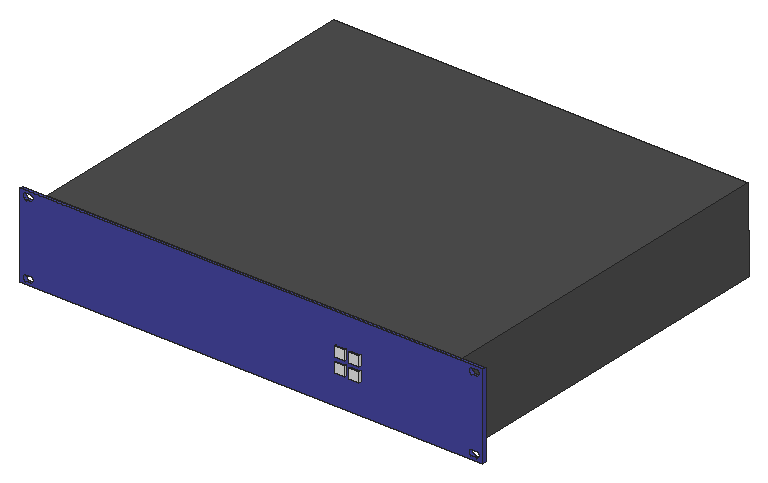
Revit family "DL154", category Communication Devices, Revit 2020
Family settings
  Maintain Annotation Orientation = No
  Round Connector Dimension = Use Diameter
  Part Type = Normal
  Work Plane-Based = Yes
  Always vertical = No
  Cut with Voids When Loaded = Yes
  Shared = No
  Room Calculation Point = No
Parameters
  Model = "DL154"
  Manufacturer = "Midas"
  Default Elevation = 0 mm
Reference planes
  plane 1 "Center (Front/Back)": y = 0
  plane 2: z = 0
  plane 3 "Center (Left/Right)": x = 0
  plane 4 "Front Panel": y = -3
  plane 5 "Rear panel": y = 374
Forms (mm)
  Extrusion 1, solid, material "Steel, Paint Finish, Blue"
    sketch origin (0, 0, 0) x (1, 0, 0) y (0, 0, 1)
      loop
        line (-241.5, 0) -> (241.498, 0) -> (241.498, 88.096) -> (-241.5, 88.096) -> (-241.5, 0)
    from 0 to 3
  Extrusion 2, void
    sketch origin (0, 0, -101.379) x (1, 0, 0) y (0, 0, 1)
      loop
        arc (-234.343, 187.274) -> (-237.842, 183.775) -> (-234.343, 180.276) r 3.499
        line (-234.343, 180.276) -> (-231.035, 180.276)
        arc (-231.035, 180.276) -> (-227.536, 183.775) -> (-231.035, 187.274) r 3.499
        line (-231.035, 187.274) -> (-234.343, 187.274)
    from 0 to 3
  Extrusion 3, void
    sketch origin (0, 0, -177.825) x (1, 0, 0) y (0, 0, 1)
      loop
        arc (-234.343, 187.274) -> (-237.842, 183.775) -> (-234.343, 180.276) r 3.499
        line (-234.343, 180.276) -> (-231.035, 180.276)
        arc (-231.035, 180.276) -> (-227.536, 183.775) -> (-231.035, 187.274) r 3.499
        line (-231.035, 187.274) -> (-234.343, 187.274)
    from 0 to 3
  Extrusion 4, void
    sketch origin (465.381, 0, -177.825) x (1, 0, 0) y (0, 0, 1)
      loop
        arc (-234.343, 187.274) -> (-237.842, 183.775) -> (-234.343, 180.276) r 3.499
        line (-234.343, 180.276) -> (-231.035, 180.276)
        arc (-231.035, 180.276) -> (-227.536, 183.775) -> (-231.035, 187.274) r 3.499
        line (-231.035, 187.274) -> (-234.343, 187.274)
    from 0 to 3
  Extrusion 5, void
    sketch origin (465.381, 0, -101.379) x (1, 0, 0) y (0, 0, 1)
      loop
        arc (-234.343, 187.274) -> (-237.842, 183.775) -> (-234.343, 180.276) r 3.499
        line (-234.343, 180.276) -> (-231.035, 180.276)
        arc (-231.035, 180.276) -> (-227.536, 183.775) -> (-231.035, 187.274) r 3.499
        line (-231.035, 187.274) -> (-234.343, 187.274)
    from 0 to 3
  Extrusion 6, solid, material "Steel, Paint Finish, Black"
    sketch origin (1.5, 0, 0) x (1, 0, 0) y (0, 0, 1)
      loop
        line (-218, 0) -> (215, 0) -> (215, 88.096) -> (-218, 88.096) -> (-218, 0)
    from 0 to -374
  Extrusion 7, void
    sketch origin (90.828, 374, 40.457) x (1, 0, 0) y (0, 0, 1)
      loop
        circle (108.554, 21.312) r 11.2
    from 0 to 16
  Extrusion 8, void
    sketch origin (-307.334, 374, 0) x (1, 0, 0) y (0, 0, 1)
      loop
        circle (108.554, 21.312) r 11.2
    from 0 to 16
  Extrusion 9, void
    sketch origin (0, 374, 0) x (1, 0, 0) y (0, 0, 1)
      loop
        line (172.779, 25.824) -> (172.779, 6.137) -> (200.678, 6.137) -> (200.678, 25.824) -> (172.779, 25.824)
    from 0 to 16
  Extrusion 10, solid, material "ABS - White"
    sketch origin (-0.004, -3, -120.907) x (-1, 0, 0) y (0, 0, 1)
      loop
        line (-88.173, 177.549) -> (-98.381, 177.549) -> (-98.381, 167.334) -> (-88.173, 167.334) -> (-88.173, 177.549)
    from 0 to -2
  Extrusion 11, solid, material "ABS - White"
    sketch origin (-0.004, -3, -135.907) x (-1, 0, 0) y (0, 0, 1)
      loop
        line (-88.173, 177.549) -> (-98.381, 177.549) -> (-98.381, 167.334) -> (-88.173, 167.334) -> (-88.173, 177.549)
    from 0 to -2
  Extrusion 12, solid, material "ABS - White"
    sketch origin (14.996, -3, -135.907) x (-1, 0, 0) y (0, 0, 1)
      loop
        line (-88.173, 177.549) -> (-98.381, 177.549) -> (-98.381, 167.334) -> (-88.173, 167.334) -> (-88.173, 177.549)
    from 0 to -2
  Extrusion 13, solid, material "ABS - White"
    sketch origin (14.996, -3, -120.907) x (-1, 0, 0) y (0, 0, 1)
      loop
        line (-88.173, 177.549) -> (-98.381, 177.549) -> (-98.381, 167.334) -> (-88.173, 167.334) -> (-88.173, 177.549)
    from 0 to -2
  Extrusion 14, void
    sketch origin (-152.269, 374, 0) x (1, 0, 0) y (0, 0, 1)
      loop
        circle (108.554, 21.312) r 11.2
    from 0 to 16
  Extrusion 15, void
    sketch origin (-177.987, 374, 0) x (1, 0, 0) y (0, 0, 1)
      loop
        circle (108.554, 21.312) r 11.2
    from 0 to 16
  Extrusion 16, void
    sketch origin (-281.616, 374, 0) x (1, 0, 0) y (0, 0, 1)
      loop
        circle (108.554, 21.312) r 11.2
    from 0 to 16
  Extrusion 17, void
    sketch origin (-255.898, 374, 0) x (1, 0, 0) y (0, 0, 1)
      loop
        circle (108.554, 21.312) r 11.2
    from 0 to 16
  Extrusion 18, void
    sketch origin (65.11, 374, 40.457) x (1, 0, 0) y (0, 0, 1)
      loop
        circle (108.554, 21.312) r 11.2
    from 0 to 16
  Extrusion 19, void
    sketch origin (39.392, 374, 40.457) x (1, 0, 0) y (0, 0, 1)
      loop
        circle (108.554, 21.312) r 11.2
    from 0 to 16
  Extrusion 20, void
    sketch origin (13.674, 374, 40.457) x (1, 0, 0) y (0, 0, 1)
      loop
        circle (108.554, 21.312) r 11.2
    from 0 to 16
  Extrusion 21, void
    sketch origin (-12.044, 374, 40.457) x (1, 0, 0) y (0, 0, 1)
      loop
        circle (108.554, 21.312) r 11.2
    from 0 to 16
  Extrusion 22, void
    sketch origin (-37.762, 374, 40.457) x (1, 0, 0) y (0, 0, 1)
      loop
        circle (108.554, 21.312) r 11.2
    from 0 to 16
  Extrusion 23, void
    sketch origin (-63.48, 374, 40.457) x (1, 0, 0) y (0, 0, 1)
      loop
        circle (108.554, 21.312) r 11.2
    from 0 to 16
  Extrusion 24, void
    sketch origin (-89.198, 374, 40.457) x (1, 0, 0) y (0, 0, 1)
      loop
        circle (108.554, 21.312) r 11.2
    from 0 to 16
  Extrusion 25, void
    sketch origin (-126.237, 374, 40.457) x (1, 0, 0) y (0, 0, 1)
      loop
        circle (108.554, 21.312) r 11.2
    from 0 to 16
  Extrusion 26, void
    sketch origin (-151.955, 374, 40.457) x (1, 0, 0) y (0, 0, 1)
      loop
        circle (108.554, 21.312) r 11.2
    from 0 to 16
  Extrusion 27, void
    sketch origin (-177.673, 374, 40.457) x (1, 0, 0) y (0, 0, 1)
      loop
        circle (108.554, 21.312) r 11.2
    from 0 to 16
  Extrusion 28, void
    sketch origin (-203.391, 374, 40.457) x (1, 0, 0) y (0, 0, 1)
      loop
        circle (108.554, 21.312) r 11.2
    from 0 to 16
  Extrusion 29, void
    sketch origin (-229.109, 374, 40.457) x (1, 0, 0) y (0, 0, 1)
      loop
        circle (108.554, 21.312) r 11.2
    from 0 to 16
  Extrusion 30, void
    sketch origin (-254.827, 374, 40.457) x (1, 0, 0) y (0, 0, 1)
      loop
        circle (108.554, 21.312) r 11.2
    from 0 to 16
  Extrusion 31, void
    sketch origin (-280.545, 374, 40.457) x (1, 0, 0) y (0, 0, 1)
      loop
        circle (108.554, 21.312) r 11.2
    from 0 to 16
  Extrusion 32, void
    sketch origin (-306.263, 374, 40.457) x (1, 0, 0) y (0, 0, 1)
      loop
        circle (108.554, 21.312) r 11.2
    from 0 to 16
  Extrusion 33, void
    sketch origin (-126.551, 374, 0) x (1, 0, 0) y (0, 0, 1)
      loop
        circle (108.554, 21.312) r 11.2
    from 0 to 16
  Extrusion 34, void
    sketch origin (-100.833, 374, 0) x (1, 0, 0) y (0, 0, 1)
      loop
        circle (108.554, 21.312) r 11.2
    from 0 to 16
  Extrusion 35, void
    sketch origin (-75.115, 374, 0) x (1, 0, 0) y (0, 0, 1)
      loop
        circle (108.554, 21.312) r 11.2
    from 0 to 16
  Extrusion 36, void
    sketch origin (-49.397, 374, 0) x (1, 0, 0) y (0, 0, 1)
      loop
        circle (108.554, 21.312) r 11.2
    from 0 to 16
  Extrusion 37, void
    sketch origin (-23.679, 374, 0) x (1, 0, 0) y (0, 0, 1)
      loop
        circle (108.554, 21.312) r 11.2
    from 0 to 16
  Extrusion 38, void
    sketch origin (2.04, 374, 0) x (1, 0, 0) y (0, 0, 1)
      loop
        circle (108.554, 21.312) r 11.2
    from 0 to 16
Cuts and joins
  Extrusion 2, Extrusion 3, Extrusion 4, Extrusion 5 cuts Extrusion 1
  Extrusion 7, Extrusion 8, Extrusion 9, Extrusion 14, Extrusion 15, Extrusion 16, Extrusion 17, Extrusion 18, Extrusion 19, Extrusion 20, Extrusion 21, Extrusion 22, Extrusion 23, Extrusion 24, Extrusion 25, Extrusion 26, Extrusion 27, Extrusion 28, Extrusion 29, Extrusion 30, Extrusion 31, Extrusion 32, Extrusion 33, Extrusion 34, Extrusion 35, Extrusion 36, Extrusion 37, Extrusion 38 cuts Extrusion 6
Lines and regions (mm)
  Split face 1
    outline origin (241.498, -3, 0) x (0, 0, 1) y (-1, 0, 0)
      loop
        line (78.623, 430.725) -> (52.703, 445.69) -> (35.402, 445.69) -> (9.482, 430.725) -> (9.482, 382.036) -> (35.402, 367.072) -> (52.703, 367.072) -> (78.623, 382.036) -> (78.623, 430.725)
  Split face 2
    outline origin (244.945, -3, -125.997) x (0, 0, 1) y (-1, 0, 0)
      loop
        circle (168.745, 351.089) r 1.498
  Split face 3
    outline origin (244.945, -3, -125.997) x (0, 0, 1) y (-1, 0, 0)
      loop
        circle (168.745, 342.079) r 1.498
  Split face 4
    outline origin (244.945, -3, -125.997) x (0, 0, 1) y (-1, 0, 0)
      loop
        circle (168.745, 333.072) r 1.498
  Split face 5
    outline origin (244.945, -3, -125.997) x (0, 0, 1) y (-1, 0, 0)
      loop
        circle (168.745, 324.066) r 1.498
  Split face 6
    outline origin (244.945, -3, -125.997) x (0, 0, 1) y (-1, 0, 0)
      loop
        circle (168.744, 315.059) r 1.5
  Split face 7
    outline origin (241.457, -3, -125.997) x (0, 0, 1) y (-1, 0, 0)
      loop
        circle (168.744, 290.051) r 1.473
  Split face 8
    outline origin (241.494, -3, -120.907) x (0, 0, 1) y (-1, 0, 0)
      loop
        arc (172.695, 233.001) -> (172.256, 234.062) -> (171.195, 234.501) r 1.5
        line (171.195, 234.501) -> (158.672, 234.501)
        arc (158.672, 234.501) -> (157.611, 234.062) -> (157.172, 233.001) r 1.5
        line (157.172, 233.001) -> (157.172, 170.439)
        arc (157.172, 170.439) -> (157.611, 169.378) -> (158.672, 168.939) r 1.5
        line (158.672, 168.939) -> (171.195, 168.939)
        arc (171.195, 168.939) -> (172.256, 169.378) -> (172.695, 170.439) r 1.5
        line (172.695, 170.439) -> (172.695, 233.001)
  Split face 9
    outline origin (112.346, -3, -125.998) x (0, 0, 1) y (-1, 0, 0)
      loop
        circle (168.745, 132.207) r 1.469
  Split face 10
    outline origin (112.346, -3, -125.998) x (0, 0, 1) y (-1, 0, 0)
      loop
        circle (168.745, 127.126) r 1.471
  Split face 11
    outline origin (284.395, 374, 163.736) x (0, 0, -1) y (-1, 0, 0)
      loop
        arc (142.584, 384.106) -> (143.237, 382.53) -> (144.813, 381.876) r 2.23
        line (144.813, 381.876) -> (152.321, 383.332)
        arc (152.321, 383.332) -> (153.777, 384.106) -> (154.55, 385.562) r 2.816
        line (154.55, 385.562) -> (154.55, 399.119)
        arc (154.55, 399.119) -> (153.777, 400.576) -> (152.321, 401.35) r 2.816
        line (152.321, 401.35) -> (144.813, 402.806)
        arc (144.813, 402.806) -> (143.237, 402.152) -> (142.584, 400.576) r 2.23
        line (142.584, 400.576) -> (142.584, 384.106)
  Split face 12
    outline origin (284.395, 374, 163.736) x (0, 0, -1) y (-1, 0, 0)
      loop
        arc (144.709, 385.973) -> (145.116, 384.85) -> (146.148, 384.248) r 1.754
        line (146.148, 384.248) -> (150.987, 385.375)
        arc (150.987, 385.375) -> (151.995, 385.997) -> (152.425, 387.101) r 1.863
        line (152.425, 387.101) -> (152.425, 397.581)
        arc (152.425, 397.581) -> (151.995, 398.685) -> (150.987, 399.307) r 1.863
        line (150.987, 399.307) -> (146.148, 400.434)
        arc (146.148, 400.434) -> (145.116, 399.832) -> (144.709, 398.709) r 1.754
        line (144.709, 398.709) -> (144.709, 385.973)
  Split face 13
    outline origin (293.515, 374, 184.832) x (0, 0, -1) y (-1, 0, 0)
      loop
        circle (170.603, 422.805) r 1.721
Dimensions and locks
  equal spacing: group 8, group 7, group 6, group 5, group 4, group 3, group 2, group 1
  equal spacing: group 1, group 2, group 3, group 4, group 5, group 6, group 7, group 8  (x2)
  aligned and locked: level to plane 2
Nested families
  nested 1: "NE8FD Ethercon" at (-198.78, 374, 21.312) x (-1, 0, 0) z (0, 1, 0), type "NE8FD Ethercon"
  nested 2: "NE8FD Ethercon" at (-173.062, 374, 21.312) x (-1, 0, 0) z (0, 1, 0), type "NE8FD Ethercon"
  nested 3: "NE8FD Ethercon" at (-147.343, 374, 21.312) x (-1, 0, 0) z (0, 1, 0), type "NE8FD Ethercon"
  nested 4: "IEC with switch3" at (186.671, 374, 15.531) x (-1, 0, 0) z (0, 1, 0), type "IEC with switch3"
  nested 5: "XLR-M with LED" at (-17.682, 374, 61.769) x (-1, 0, 0) z (0, 1, 0), type "XLR-M with LED"
  nested 6: "XLR-F with LED" at (110.594, 374, 21.312) x (-1, 0, 0) z (0, 1, 0), type "XLR-F with LED"
  nested 7: "XLR-M with LED" at (199.383, 374, 61.769) x (-1, 0, 0) z (0, 1, 0), type "XLR-M with LED"
  nested 8: "XLR-M with LED" at (-43.4, 374, 61.769) x (-1, 0, 0) z (0, 1, 0), type "XLR-M with LED"
  nested 9: "XLR-F with LED" at (84.876, 374, 21.312) x (-1, 0, 0) z (0, 1, 0), type "XLR-F with LED"
  nested 10: "XLR-M with LED" at (173.665, 374, 61.769) x (-1, 0, 0) z (0, 1, 0), type "XLR-M with LED"
  nested 11: "XLR-M with LED" at (-69.118, 374, 61.769) x (-1, 0, 0) z (0, 1, 0), type "XLR-M with LED"
  nested 12: "XLR-F with LED" at (59.158, 374, 21.312) x (-1, 0, 0) z (0, 1, 0), type "XLR-F with LED"
  nested 13: "XLR-M with LED" at (147.946, 374, 61.769) x (-1, 0, 0) z (0, 1, 0), type "XLR-M with LED"
  nested 14: "XLR-M with LED" at (-94.837, 374, 61.769) x (-1, 0, 0) z (0, 1, 0), type "XLR-M with LED"
  nested 15: "XLR-F with LED" at (33.44, 374, 21.312) x (-1, 0, 0) z (0, 1, 0), type "XLR-F with LED"
  nested 16: "XLR-M with LED" at (122.228, 374, 61.769) x (-1, 0, 0) z (0, 1, 0), type "XLR-M with LED"
  nested 17: "XLR-M with LED" at (-120.555, 374, 61.769) x (-1, 0, 0) z (0, 1, 0), type "XLR-M with LED"
  nested 18: "XLR-F with LED" at (7.721, 374, 21.312) x (-1, 0, 0) z (0, 1, 0), type "XLR-F with LED"
  nested 19: "XLR-M with LED" at (96.51, 374, 61.769) x (-1, 0, 0) z (0, 1, 0), type "XLR-M with LED"
  nested 20: "XLR-M with LED" at (-146.273, 374, 61.769) x (-1, 0, 0) z (0, 1, 0), type "XLR-M with LED"
  nested 21: "XLR-F with LED" at (-17.997, 374, 21.312) x (-1, 0, 0) z (0, 1, 0), type "XLR-F with LED"
  nested 22: "XLR-M with LED" at (70.792, 374, 61.769) x (-1, 0, 0) z (0, 1, 0), type "XLR-M with LED"
  nested 23: "XLR-M with LED" at (-171.991, 374, 61.769) x (-1, 0, 0) z (0, 1, 0), type "XLR-M with LED"
  nested 24: "XLR-F with LED" at (-43.715, 374, 21.312) x (-1, 0, 0) z (0, 1, 0), type "XLR-F with LED"
  nested 25: "XLR-M with LED" at (45.074, 374, 61.769) x (-1, 0, 0) z (0, 1, 0), type "XLR-M with LED"
  nested 26: "XLR-M with LED" at (-197.709, 374, 61.769) x (-1, 0, 0) z (0, 1, 0), type "XLR-M with LED"
  nested 27: "XLR-F with LED" at (-69.433, 374, 21.312) x (-1, 0, 0) z (0, 1, 0), type "XLR-F with LED"
  nested 28: "XLR-M with LED" at (19.356, 374, 61.769) x (-1, 0, 0) z (0, 1, 0), type "XLR-M with LED"
Definition of nested family "NE8FD Ethercon"
  Parameters
    Default Elevation = 1219.2 mm
  Reference planes
    plane 1 "Center (Front/Back)": y = 0
    plane 2: z = 0
    plane 3 "Center (Left/Right)": x = 0
  Forms (mm)
    Extrusion 1, solid
      sketch origin (-12.612, 0, 0) x (1, 0, 0) y (0, 1, 0)
        loop
          circle (12.613, 0.021) r 11.058
      from -16 to 1.5
    Extrusion 2, void
      sketch origin (-12.612, 0, 0) x (1, 0, 0) y (0, 1, 0)
        loop
          circle (12.612, 0.021) r 9.9
      from -12 to 1.5
    Extrusion 3, solid
      sketch origin (-12.612, 0, 0) x (1, 0, 0) y (0, 1, 0)
        loop
          line (9.613, 9.921) -> (15.612, 9.921)
          arc (15.612, 9.921) -> (17.027, 10.507) -> (17.612, 11.921) r 2
          line (17.612, 11.921) -> (17.612, 13.337)
          arc (17.612, 13.337) -> (17.271, 14.455) -> (16.362, 15.191) r 2
          arc (16.362, 15.191) -> (12.612, 15.921) -> (8.862, 15.191) r 10
          arc (8.862, 15.191) -> (7.954, 14.455) -> (7.612, 13.337) r 2
          line (7.612, 13.337) -> (7.612, 11.921)
          arc (7.612, 11.921) -> (8.198, 10.507) -> (9.613, 9.921) r 2
      from 3.3 to 4.2
    Extrusion 4, solid
      sketch origin (-12.612, 0, 0) x (1, 0, 0) y (0, 1, 0)
        loop
          line (11.106, 9.921) -> (14.119, 9.921) -> (14.119, 10.975)
          arc (14.119, 10.975) -> (12.613, 11.079) -> (11.106, 10.975) r 11.058
          line (11.106, 10.975) -> (11.106, 9.921)
      from 3.3 to 1.5
    Extrusion 5, void
      sketch origin (-12.612, 0, 0) x (1, 0, 0) y (0, 1, 0)
        loop
          line (6.713, 3.65) -> (6.713, -3.15) -> (9.313, -3.15) -> (9.313, -5.15) -> (10.763, -5.15) -> (10.763, -6.45) -> (14.463, -6.45) -> (14.463, -5.15) -> (15.913, -5.15) -> (15.913, -3.15) -> (18.513, -3.15) -> (18.513, 3.65) -> (6.713, 3.65)
      from -10 to 1.5
    Extrusion 6, solid
      sketch origin (-12.612, 0, 0) x (1, 0, 0) y (0, 1, 0)
        loop
          circle (12.612, 0) r 8
      from -12 to 1.5
    Extrusion 7, void
      sketch origin (-12.612, 0, 0) x (1, 0, 0) y (0, 1, 0)
        loop
          circle (12.613, 0) r 11.1
      from 0 to -16
  Cuts and joins
    Extrusion 2, Extrusion 5 cuts Extrusion 1
    Extrusion 2 cuts Extrusion 4
    Extrusion 5 cuts Extrusion 6
  Dimensions and locks
    aligned and locked: level to plane 2
Definition of nested family "IEC with switch3"
  Parameters (values of type "IEC with switch3")
    Default Elevation = 1219.2 mm
  Reference planes
    plane 1 "Center (Front/Back)": y = 0
    plane 2: z = 0
    plane 3 "Center (Left/Right)": x = 0
  Forms (mm)
    Extrusion 1, void
      sketch origin (0, 0, 0) x (1, 0, 0) y (0, 1, 0)
        loop
          arc (12, 5.5) -> (11.268, 7.268) -> (9.5, 8) r 2.5
          line (9.5, 8) -> (-9.5, 8)
          arc (-9.5, 8) -> (-11.268, 7.268) -> (-12, 5.5) r 2.5
          line (-12, 5.5) -> (-12, -3) -> (-7, -8) -> (7, -8) -> (12, -3) -> (12, 5.5)
      from 2 to -15
    Extrusion 2, solid
      sketch origin (0, 0, 0) x (1, 0, 0) y (0, 1, 0)
        loop
          arc (-11.144, 24.05) -> (-14.279, 23.165) -> (-16.49, 20.774) r 6
          line (-16.49, 20.774) -> (-22.363, 9.247)
          arc (-22.363, 9.247) -> (-23.017, 6.523) -> (-22.363, 3.799) r 6
          line (-22.363, 3.799) -> (-16.245, -8.208)
          arc (-16.245, -8.208) -> (-14.034, -10.6) -> (-10.899, -11.484) r 6
          line (-10.899, -11.484) -> (10.899, -11.484)
          arc (10.899, -11.484) -> (14.034, -10.6) -> (16.245, -8.208) r 6
          line (16.245, -8.208) -> (22.363, 3.799)
          arc (22.363, 3.799) -> (23.017, 6.523) -> (22.363, 9.247) r 6
          line (22.363, 9.247) -> (16.49, 20.774)
          arc (16.49, 20.774) -> (14.279, 23.165) -> (11.144, 24.05) r 6
          line (11.144, 24.05) -> (-11.144, 24.05)
      from 2 to 0
    Extrusion 3, solid
      sketch origin (0, 0, 0) x (1, 0, 0) y (0, 1, 0)
        loop
          line (-8, 3.6) -> (-8, -0.4) -> (-6, -0.4) -> (-6, 3.6) -> (-8, 3.6)
      from 1 to -15
    Extrusion 4, solid
      sketch origin (7, -4, 0) x (1, 0, 0) y (0, 1, 0)
        loop
          line (-8, 3.6) -> (-8, -0.4) -> (-6, -0.4) -> (-6, 3.6) -> (-8, 3.6)
      from 1 to -15
    Extrusion 5, solid
      sketch origin (14, 0, 0) x (1, 0, 0) y (0, 1, 0)
        loop
          line (-8, 3.6) -> (-8, -0.4) -> (-6, -0.4) -> (-6, 3.6) -> (-8, 3.6)
      from 1 to -15
    Extrusion 6, void
      sketch origin (0, 0, 0) x (1, 0, 0) y (0, 1, 0)
        loop
          arc (-11.5, 22.9) -> (-13.268, 22.168) -> (-14, 20.4) r 2.5
          line (-14, 20.4) -> (-14, -7.297)
          arc (-14, -7.297) -> (-13.268, -9.065) -> (-11.5, -9.797) r 2.5
          line (-11.5, -9.797) -> (11.5, -9.797)
          arc (11.5, -9.797) -> (13.268, -9.065) -> (14, -7.297) r 2.5
          line (14, -7.297) -> (14, 20.4)
          arc (14, 20.4) -> (13.268, 22.168) -> (11.5, 22.9) r 2.5
          line (11.5, 22.9) -> (-11.5, 22.9)
      from 0 to -20
    Extrusion 7, solid
      sketch origin (0, 0, 0) x (1, 0, 0) y (0, 1, 0)
        loop
          arc (-11.5, 22.9) -> (-13.268, 22.168) -> (-14, 20.4) r 2.5
          line (-14, 20.4) -> (-14, -7.297)
          arc (-14, -7.297) -> (-13.268, -9.065) -> (-11.5, -9.797) r 2.5
          line (-11.5, -9.797) -> (11.5, -9.797)
          arc (11.5, -9.797) -> (13.268, -9.065) -> (14, -7.297) r 2.5
          line (14, -7.297) -> (14, 20.4)
          arc (14, 20.4) -> (13.268, 22.168) -> (11.5, 22.9) r 2.5
          line (11.5, 22.9) -> (-11.5, 22.9)
      from 0 to -20
  Cuts and joins
    Extrusion 1, Extrusion 6 cuts Extrusion 2
    Extrusion 1 cuts Extrusion 7
  Lines and regions (mm)
    Split face 1
      outline origin (-11.409, 28.204, 2) x (-1, 0, 0) y (0, -1, 0)
        loop
          line (-20.558, 16.3) -> (-20.558, 8.728) -> (-2.314, 8.728) -> (-2.314, 16.3) -> (-20.558, 16.3)
    model lines
      curve 1: line (-11.318, 21.168, 2) -> (11.536, 21.168, 2)
      curve 2: arc (11.536, 21.168, 2) -> (12.243, 20.875, 2) -> (12.536, 20.168, 2) r 1
      curve 3: line (12.536, 20.168, 2) -> (12.536, 11.4, 2)
      curve 4: arc (12.536, 11.4, 2) -> (12.243, 10.693, 2) -> (11.536, 10.4, 2) r 1
      curve 5: line (11.536, 10.4, 2) -> (-11.318, 10.4, 2)
      curve 6: arc (-11.318, 10.4, 2) -> (-12.025, 10.693, 2) -> (-12.318, 11.4, 2) r 1
      curve 7: line (-12.318, 11.4, 2) -> (-12.318, 20.168, 2)
      curve 8: arc (-12.318, 20.168, 2) -> (-12.025, 20.875, 2) -> (-11.318, 21.168, 2) r 1
      curve 9: line (-3.781, 19.476, 2) -> (-3.781, 11.904, 2)
  Dimensions and locks
    aligned and locked: level to plane 2
Definition of nested family "XLR-M with LED"
  Parameters
    Default Elevation = 1219.2 mm
  Reference planes
    plane 1 "Center (Front/Back)": y = 0
    plane 2: z = 0
    plane 3 "Center (Left/Right)": x = 0
  Forms (mm)
    Extrusion 1, solid
      sketch origin (-12.612, 0, 0) x (1, 0, 0) y (0, 1, 0)
        loop
          circle (12.613, 0.021) r 11.058
      from -16 to 1.5
    Extrusion 2, void
      sketch origin (-12.612, 0, 0) x (1, 0, 0) y (0, 1, 0)
        loop
          circle (12.612, 0.021) r 9.9
      from -10 to 1.5
    Extrusion 3, solid
      sketch origin (0, 0, 0) x (1, 0, 0) y (0, 1, 0)
        loop
          circle (-4.05, 0.021) r 1.1
      from -10 to 1
    Extrusion 4, solid
      sketch origin (8.1, 0, 0) x (1, 0, 0) y (0, 1, 0)
        loop
          circle (-4.05, 0.021) r 1.1
      from -10 to 1
    Extrusion 5, solid
      sketch origin (4.05, -3.96, 0) x (1, 0, 0) y (0, 1, 0)
        loop
          circle (-4.05, 0.021) r 1.1
      from -10 to 1
    Extrusion 6, void
      sketch origin (-32.913, 0, 0) x (1, 0, 0) y (0, 1, 0)
        loop
          circle (32.913, 0) r 11.2
      from 0 to -16
    Extrusion 7, solid
      sketch origin (0, 0, 0) x (1, 0, 0) y (0, 1, 0)
        loop
          circle (-11.112, -10.139) r 1.5
      from 0 to 1
  Cuts and joins
    Extrusion 2 cuts Extrusion 1
  Lines and regions (mm)
    Split face 1
      outline origin (9.9, 0.021, -10) x (-1, 0, 0) y (0, -1, 0)
        loop
          circle (9.9, 0.021) r 8
  Dimensions and locks
    aligned and locked: level to plane 2
Definition of nested family "XLR-F with LED"
  Parameters
    Default Elevation = 1219.2 mm
  Reference planes
    plane 1 "Center (Front/Back)": y = 0
    plane 2: z = 0
    plane 3 "Center (Left/Right)": x = 0
  Forms (mm)
    Extrusion 1, solid
      sketch origin (-12.612, 0, 0) x (1, 0, 0) y (0, 1, 0)
        loop
          circle (12.613, 0.021) r 11.058
      from -16 to 1.5
    Extrusion 2, void
      sketch origin (-12.612, 0, 0) x (1, 0, 0) y (0, 1, 0)
        loop
          circle (12.612, 0.021) r 9.9
      from -12 to 1.5
    Extrusion 3, solid
      sketch origin (-12.612, 0, 0) x (1, 0, 0) y (0, 1, 0)
        loop
          line (9.613, 9.921) -> (15.612, 9.921)
          arc (15.612, 9.921) -> (17.027, 10.507) -> (17.612, 11.921) r 2
          line (17.612, 11.921) -> (17.612, 13.337)
          arc (17.612, 13.337) -> (17.271, 14.455) -> (16.362, 15.191) r 2
          arc (16.362, 15.191) -> (12.612, 15.921) -> (8.862, 15.191) r 10
          arc (8.862, 15.191) -> (7.954, 14.455) -> (7.612, 13.337) r 2
          line (7.612, 13.337) -> (7.612, 11.921)
          arc (7.612, 11.921) -> (8.198, 10.507) -> (9.613, 9.921) r 2
      from 3.3 to 4.2
    Extrusion 4, solid
      sketch origin (-12.612, 0, 0) x (1, 0, 0) y (0, 1, 0)
        loop
          line (11.106, 9.921) -> (14.119, 9.921) -> (14.119, 10.975)
          arc (14.119, 10.975) -> (12.613, 11.079) -> (11.106, 10.975) r 11.058
          line (11.106, 10.975) -> (11.106, 9.921)
      from 3.3 to 1.5
    Extrusion 5, solid
      sketch origin (-12.612, 0, 0) x (1, 0, 0) y (0, 1, 0)
        loop
          circle (1.5, -10.139) r 1.5
      from 0 to 1
    Extrusion 6, void
      sketch origin (-12.612, 0, 0) x (1, 0, 0) y (0, 1, 0)
        loop
          circle (8.562, 0.021) r 1.325
      from -12 to 1.5
    Extrusion 7, void
      sketch origin (-12.612, 0, 0) x (1, 0, 0) y (0, 1, 0)
        loop
          circle (16.663, 0.021) r 1.325
      from -12 to 1.5
    Extrusion 8, void
      sketch origin (-12.612, 0, 0) x (1, 0, 0) y (0, 1, 0)
        loop
          circle (12.612, -3.939) r 1.325
      from -12 to 1.5
    Extrusion 9, solid
      sketch origin (-12.612, 0, 0) x (1, 0, 0) y (0, 1, 0)
        loop
          circle (12.612, 0) r 8
      from -12 to 1.5
    Extrusion 10, void
      sketch origin (-12.612, 0, 0) x (1, 0, 0) y (0, 1, 0)
        loop
          circle (12.613, 0) r 11.1
      from 0 to -16
  Cuts and joins
    Extrusion 2, Extrusion 6, Extrusion 7, Extrusion 8 cuts Extrusion 1
    Extrusion 2 cuts Extrusion 4
    Extrusion 6, Extrusion 7, Extrusion 8 cuts Extrusion 9
  Dimensions and locks
    aligned and locked: level to plane 2
